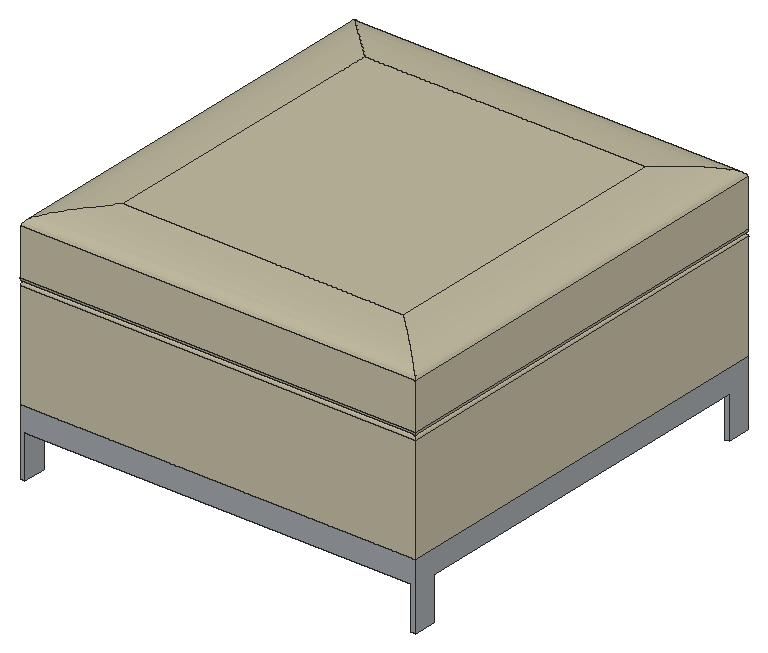
Revit family "913-5312 - MB RF - Gleneagles 840-02", category Furniture, Revit 2019
Family settings
  OmniClass Number = 23.40.20.00
  OmniClass Title = General Furniture and Specialties
  Work Plane-Based = No
  Always vertical = Yes
  Cut with Voids When Loaded = No
  Shared = No
  Room Calculation Point = No
Parameters
  Width = 30"
  URL = "http://www.martinbrattrud.com"
  SCS Certified Product = "Yes"
  Model = "Gleneagle 840-01"
  Manufacturer = "Martin Brattrud, Inc."
  Legs Thickness = 3 1/4"
  Leg = Metal, Chrome
  Keynote = "125000"
  Depth = 31"
  Copyright = "© 2013 Martin Brattrud, Inc."
  Chair [instance] = MB Leather, Beige
  Base Height = 13 3/8"
  Back Cushion [instance] = MB Leather, Beige
  Authoring Version = "Revit Architecture 2010"
  Assembly Code = "E2020200"
  Arms Width = Arm Position + 3"  # 15"
  Arm Position = (Width / 2) - 3"  # 12"
Reference planes
  plane 1 "Center Front/Back": y = 0
  plane 2: z = 0
  plane 3 "Center Left/Right": x = 0
  plane 4: x = -381
  plane 5: x = 381
  plane 6: z = 339.725
Forms (mm)
  Extrusion 1, solid, material "Metal, Chrome" <- "Leg"
    sketch origin (0, 0, 0) x (1, 0, 0) y (0, 1, 0)
      loop
        line (381, 393.7) -> (-381, 393.7) -> (-381, -407.606) -> (381, -407.606) -> (381, 393.7)
      loop
        line (371.475, -393.7) -> (371.475, 384.175) -> (-371.475, 384.175) -> (-371.475, -393.7) -> (371.475, -393.7)
    from 82.55 to 127
  Extrusion 2, solid, material "Metal, Chrome" <- "Leg"
    sketch origin (-6.35, 0, 0) x (1, 0, 0) y (0, 1, 0)
      loop
        line (-365.125, 393.7) -> (-374.65, 393.7) -> (-374.65, 349.25) -> (-365.125, 349.25) -> (-365.125, 393.7)
      loop
        line (-374.65, -407.606) -> (-365.125, -407.606) -> (-365.125, -363.156) -> (-374.65, -363.156) -> (-374.65, -407.606)
      loop
        line (377.825, 393.7) -> (377.825, 349.25) -> (387.35, 349.25) -> (387.35, 393.7) -> (377.825, 393.7)
      loop
        line (387.35, -407.606) -> (387.35, -363.156) -> (377.825, -363.156) -> (377.825, -407.606) -> (387.35, -407.606)
    from 0 to 82.55
  Extrusion 3, solid, material "Metal, Chrome" <- "Leg"
    sketch origin (6.253, 0, 0) x (-1, 0, 0) y (0, -1, 0)
      loop
        line (-374.747, -393.7) -> (-365.222, -393.7) -> (-365.222, -349.25) -> (-374.747, -349.25) -> (-374.747, -393.7)
      loop
        line (-374.747, 407.768) -> (-374.747, 363.318) -> (-365.222, 363.318) -> (-365.222, 407.768) -> (-374.747, 407.768)
    from 0 to 82.55
  Extrusion 4, solid, material "MB Leather, Beige" <- "Chair"
    sketch origin (0, 0, 0) x (1, 0, 0) y (0, 1, 0)
      loop
        line (-381, 393.7) -> (-381, -407.606) -> (381, -407.606) -> (381, 393.7) -> (-381, 393.7)
    from 127 to 339.725 <- "Base Height"
  Sweep 5, void
    path origin (0, 0, 339.725) x (1, 0, 0) y (0, 1, 0)
      loop
        line (-381, -407.606) -> (381, -407.606) -> (381, 393.7) -> (-381, 393.7) -> (-381, -407.606)
    profile origin (0, -407.606, 339.725) x (0, 1, 0) y (0, 0, 1)
      loop
        line (6.35, 0) -> (0, 0) -> (0, -6.35)
        arc (0, -6.35) -> (1.86, -1.86) -> (6.35, 0) r 6.35
  Extrusion 6, solid, material "MB Leather, Beige" <- "Chair"
    sketch origin (-374.65, -4572, 339.725) x (-1, 0, 0) y (0, -1, 0)
      loop
        line (-755.65, -4164.394) -> (-755.65, -4965.7) -> (6.35, -4965.7) -> (6.35, -4164.394) -> (-755.65, -4164.394)
    from 0 to 124.619
  Sweep 7, void
    path in 3D
      loop
        line (381, -407.606, 464.344) -> (381, 393.7, 464.344) -> (-381, 393.7, 464.344) -> (-381, -407.606, 464.344) -> (381, -407.606, 464.344)
    profile origin (0, -407.606, 464.344) x (0, 1, 0) y (0, 0, 1)
      loop
        spline (0, -27.418) -> (1.901, -23.18) -> (5.539, -19.408) -> (10.79, -16.069) -> (17.528, -13.13) -> (25.629, -10.557) -> (34.967, -8.317) -> (45.417, -6.377) -> (56.854, -4.703) -> (69.152, -3.261) -> (82.188, -2.019) -> (95.835, -0.943) -> (109.969, 0)
        line (109.969, 0) -> (0, 0) -> (0, -27.418)
      loop
        line (0, -118.269) -> (0, -124.619) -> (6.35, -124.619)
        arc (6.35, -124.619) -> (1.86, -122.759) -> (0, -118.269) r 6.35
Cuts and joins
  Sweep 5 cuts Extrusion 1
  Sweep 5 cuts Extrusion 2
  joined: Extrusion 1, Extrusion 2, Extrusion 3
  Sweep 5 cuts Extrusion 4
  Sweep 7 cuts Extrusion 6
Lines and regions (mm)
  sketch lines
    curve 1: line (-381, -407.606, 464.344) -> (381, -407.606, 464.344)
    curve 2: line (-381, 393.7, 464.344) -> (-381, -407.606, 464.344)
    curve 3: line (381, 393.7, 464.344) -> (-381, 393.7, 464.344)
    curve 4: line (381, -407.606, 464.344) -> (381, 393.7, 464.344)
Dimensions and locks
  equal spacing: plane 4, plane 3 "Center Left/Right", plane 5
  "Width": plane 4 to plane 5
  "Base Height": plane 6 to level
  level to cut or joined group of Extrusion 6, Sweep 7 = 18 9/32"
Automatic sketch dimensions
  plane 4 to Extrusion 1 sketch curve = 0"
  Extrusion 1 sketch curve to Extrusion 1 sketch curve = 3/8"  (x2)
  plane 5 to Extrusion 1 sketch curve = 3/8"
  plane 5 to Extrusion 1 sketch curve = 0"
  plane 1 "Center Front/Back" to Extrusion 1 sketch curve = 16.04747"
  Extrusion 1 sketch curve to Extrusion 1 sketch curve = 0.54747"
  Extrusion 1 sketch curve to plane 1 "Center Front/Back" = 15 1/8"
  Extrusion 3 sketch curve to plane 5 = 0"  (x2)
  Extrusion 3 sketch curve to Extrusion 3 sketch curve = 3/8"  (x2)
  Extrusion 3 sketch curve to plane 1 "Center Front/Back" = 16.05385"
  Extrusion 3 sketch curve to Extrusion 3 sketch curve = 1 3/4"  (x2)
  plane 1 "Center Front/Back" to Extrusion 3 sketch curve = 13 3/4"
  Extrusion 4 sketch curve to plane 4 = 0"
  Extrusion 4 sketch curve to plane 5 = 0"
  plane 1 "Center Front/Back" to Extrusion 4 sketch curve = 16.04747"
  Extrusion 4 sketch curve to plane 1 "Center Front/Back" = 15 1/2"
  Extrusion 4 to Sweep 5 sketch curve = 0"  (x2)
  Sweep 5 sketch curve to Extrusion 4 = 0"  (x2)
  Sweep 5 sketch curve to profile plane = 0"  (x2)
  Sweep 5 sketch curve to profile plane = 1/4"
  Extrusion 2 sketch curve to plane 4 = 0"  (x2)
  Extrusion 2 sketch curve to plane 5 = 0"  (x2)
  plane 4 to Extrusion 2 sketch curve = 3/8"  (x2)
  plane 5 to Extrusion 2 sketch curve = 3/8"  (x2)
  plane 1 "Center Front/Back" to Extrusion 2 sketch curve = 16.04747"  (x2)
  Extrusion 2 sketch curve to Extrusion 2 sketch curve = 1 3/4"  (x4)
  Extrusion 2 sketch curve to plane 1 "Center Front/Back" = 13 3/4"  (x2)
  Extrusion 6 sketch curve to plane 5 = 0"
  Extrusion 6 sketch curve to plane 4 = 0"
  plane 1 "Center Front/Back" to Extrusion 6 sketch curve = 16.04747"
  Extrusion 6 sketch curve to plane 1 "Center Front/Back" = 15 1/2"
  Sweep 7 sketch curve to profile plane = 0"  (x4)
  Sweep 7 sketch curve to profile plane = 1/4"
  Sweep 7 sketch curve to profile plane = 4.32948"
  Sweep 7 sketch curve to Sweep 7 sketch curve = 1.07946"
  Sweep 7 sketch curve to Sweep 7 sketch curve = 3.57679"
  Sweep 7 sketch curve to Sweep 7 sketch curve = 4.07948"
  Sweep 7 sketch curve to Sweep 7 sketch curve = 1/4"
  Sweep 7 sketch curve to Sweep 7 sketch curve = 0"
